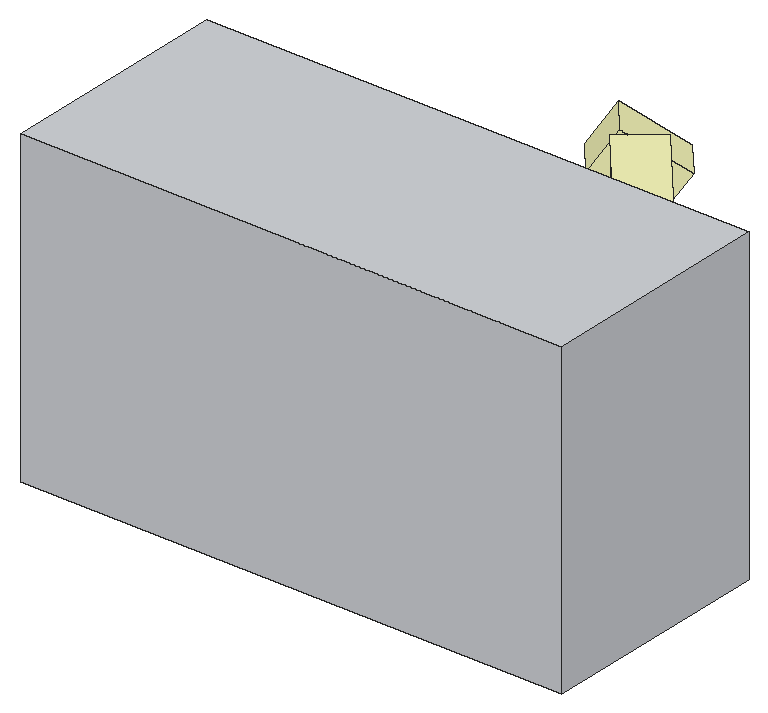
Revit family "7212_Tosca", category Lighting Fixtures, host Face, Revit 2016
Family settings
  Host = Face
  Part Type = Normal
  Round Connector Dimension = Use Diameter
  OmniClass Number = 23.80.70.00
  OmniClass Title = Lighting
  Cut with Voids When Loaded = No
  Light Source = No
  Shared = No
  Room Calculation Point = No
Parameters (values of type "7213 Tosca (Brushed Matt Nickel)")
  Width = 7.87402"
  Weight = "1.2kg"
  Wattage Comments = "1w"
  Voltage Range = "100-240V"
  Voltage = 240 V
  URL = "www.astrolighting.co.uk"
  Type Comments = "Includes integral LED driver. Includes integral switch."
  Location = "DRY"
  Set Head Rotation [instance] = 55.00°
  Set Arm Angle [instance] = 50.00°
  Head Rotation [instance] = if(Set Head Rotation < 0.00°, 0.00°, if(Set Head Rotation > 180.00°, 180.00°, if(or(or(Set Head Rotation < 180.00°, Set Head Rotation = 180.00°), or(Set Head Rotation > 0.00°, Set Head Rotation = 0.00°)), Set Head Rotation, 0.00°)))  # 55.00°
  Arm Angle [instance] = if(Set Arm Angle < 0.00°, 0.00°, if(Set Arm Angle > 135.00°, 135.00°, if(or(or(Set Arm Angle < 135.00°, Set Arm Angle = 135.00°), or(Set Arm Angle > 0.00°, Set Arm Angle = 0.00°)), Set Arm Angle, 0.00°)))  # 50.00°
  Product Documentation = "https://www.astrolighting.com/products/search?search=tosca"
  Number of Poles = 1
  Mountable on normally flammable surfaces = "Yes"
  Model = "7213 Tosca Brushed Matt Nickel"
  Manufacturer = "Astro Lighting Ltd, CM20 2DP"
  Luminaire Lamp Efficiency Rating = "A"
  Lens Material = Astro - Glass - Clear
  Length = 1.68307"
  Lamp included = "Yes"
  Lamp = "LED"
  IP Rating = "IP20"
  Height = 1.77165"
  Energy Efficiency Rating = ""
  Dimmable = "No"
  Description = "Wall Reading Light"
  Default Elevation [instance] = 66.92913"
  Class = 1
  Casing Material = Astro - Steel - Matt Nickel
  Manufacturer Contact = "01279 427001"
  Assembly Code = "D5020200"
  Arm Length = 6.26969"
  Apparent Load = 2.23 VA
Types (3): name | Set Head Rotation | Set Arm Angle | Head Rotation | Arm Angle | Model | Casing Material
  7213 Tosca (Brushed Matt Nickel) | 55.00° | 50.00° | 55.00° | 50.00° | "7213 Tosca Brushed Matt Nickel" | Astro - Steel - Matt Nickel
  7214 Tosca (Brushed Bronze) | 0.00° | 0.00° | 0.00° | 0.00° | "7214 Tosca Brushed Bronze" | Astro - Steel - Bronze
  7212 Tosca (Polished Chrome) | 0.00° | 0.00° | 0.00° | 0.00° | "7212 Tosca Polished Chrome" | Astro - Steel - Chrome Finish
Reference planes (in)
  plane 1: y = -2.95276
  plane 2 "Light Source Axis (L/R)": x = 4.92126
  plane 3 "Light Source Axis (F/R)": y = 1.68307
  plane 4 "Light Source Elevation": z = 62.99213
  plane 5: y = -5.90551
  plane 6 "Center (Elevation)": z = 62.99213
  plane 7: z = 0
  plane 8 "Top": z = 63.87795
  plane 9 "Bottom": z = 62.1063
  plane 10 "Left": x = 8.85827
  plane 11 "Right": x = 0.98425
  plane 12 "Front": y = 1.68307
  plane 13: y = 0
  plane 14: x = 8.46457
  plane 15: y = 1.28937
  plane 16: x = 8.24213
  plane 17: z = 62.97244
  plane 18: y = 0.47244
  plane 19: z = 63.8189
  plane 20: z = 63.00197
Forms (in)
  Extrusion 1, solid
    sketch origin (5.51181, -5.90551, 59.05512) x (0, 0, 1) y (1, 0, 0)
      loop
        line (-0.02239, -7.4443) -> (7.87402, -7.4443) -> (7.87402, 6.29921) -> (-0.02239, 6.29921) -> (-0.02239, -7.4443)
    from 0 to 5.90551
  Extrusion 2, solid, material "Astro - Steel - Matt Nickel" <- "Casing Material"
    sketch origin (36.21204, 8.85827, 63.87795) x (1, 0, 0) y (0, 1, 0)
      loop
        line (-35.22779, -8.85827) -> (-27.35378, -8.85827) -> (-27.35378, -7.84466)
        arc (-27.35378, -7.84466) -> (-27.37011, -7.81705) -> (-27.40218, -7.81809) r 0.0315
        line (-27.40218, -7.81809) -> (-27.96992, -8.38583) -> (-35.22779, -8.38583) -> (-35.22779, -8.85827)
    from -1.77165 to 0
  Extrusion 3, solid, material "Astro - Steel - Matt Nickel" <- "Casing Material"
    sketch origin (9.56168, 8.85827, 62.97244) x (1, 0, 0) y (0, 1, 0)
      loop
        line (-0.70341, -8.38583) -> (-0.70341, -7.5689)
        arc (-0.70341, -7.5689) -> (-0.94645, -7.20517) -> (-1.3755, -7.29051) r 0.3937
        line (-1.3755, -7.29051) -> (-2.47115, -8.38583) -> (-0.70341, -8.38583)
    from -0.86614 to 0
  Extrusion 4, solid, material "Astro - Steel - Matt Nickel" <- "Casing Material"
    sketch origin (11.59289, 8.85827, 63.8189) x (1, 0, 0) y (0, 1, 0)
      loop
        circle (-3.12833, -7.5689) r 0.38268
    from 0 to 0.05906
  Extrusion 5, solid, material "Astro - Steel - Matt Nickel" <- "Casing Material"
    sketch origin (8.46457, 1.28937, 63.87795) x (-0.642788, 0.766044, 0) y (-0.766044, -0.642788, 0)
      loop
        line (0, -0.3937) -> (6.26969, -0.3937) -> (6.26969, 0.7874) -> (0.23467, 0.7874) -> (-0.30987, 0.24286)
        arc (-0.30987, 0.24286) -> (-0.35399, -0.17232) -> (0, -0.3937) r 0.3937
    from -0.87598 to -0.05906
  Extrusion 6, solid, material "Astro - Steel - Matt Nickel" <- "Casing Material"
    sketch origin (8.46457, 1.28937, 63.87795) x (-0.642788, 0.766044, 0) y (-0.766044, -0.642788, 0)
      loop
        line (0.2576, -0.3937) -> (6.26969, -0.3937) -> (6.26969, 0.7874) -> (0.23467, 0.7874) -> (-0.09176, 0.46097)
        arc (-0.09176, 0.46097) -> (-0.09885, 0.42757) -> (-0.07164, 0.40713) r 0.0315
        arc (-0.07164, 0.40713) -> (0.38231, 0.15725) -> (0.23555, -0.33971) r 0.41339
        arc (0.23555, -0.33971) -> (0.22844, -0.37411) -> (0.2576, -0.3937) r 0.0315
    from -0.05906 to 0
  Extrusion 7, solid, material "Astro - Steel - Matt Nickel" <- "Casing Material"
    sketch origin (8.46457, 1.28937, 63.87795) x (-0.642788, 0.766044, 0) y (-0.766044, -0.642788, 0)
      loop
        line (1.38626, 0.7874) -> (0.20516, -0.3937) -> (6.26969, -0.3937) -> (6.26969, 0.7874) -> (1.38626, 0.7874)
    from -1.77165 to -0.87598
  Extrusion 8, solid, material "Astro - Steel - Matt Nickel" <- "Casing Material"
    sketch origin (61.95426, 8.85827, 62.99213) x (1, 0, 0) y (0, 1, 0)
      loop
        circle (-53.4897, -7.5689) r 0.38268
    from -0.01969 to 0.00984
  Extrusion 9, solid, not visible
    sketch origin (-38.17519, 0, 157.48031) x (-1, 0, 0) y (0, 0, 1)
      loop
        circle (-41.3248, -94.48819) r 0.29528
    from 0 to 0.05906
Cuts and joins
  joined: Extrusion 2, Extrusion 3
  joined: Extrusion 5, Extrusion 6, Extrusion 7
Lines and regions (in)
  symbolic lines
    curve 1: arc (8.33852, 1.68307, 62.99213) -> (8.17226, 0.99706, 62.99213) -> (8.85827, 1.16332, 62.99213) r 0.41339
    curve 2: circle (8.46457, 1.28937, 62.99213) r 0.38268 normal (0, 0, 1)
  reference lines
    curve 3: line (8.46457, 1.28937, 63.87795) -> (4.43449, 6.09223, 63.87795)
    curve 4: line (8.46457, 1.28937, 62.1063) -> (4.43449, 6.09223, 62.1063)
    curve 5: line (4.28369, 5.96569, 63.87795) -> (4.28369, 5.96569, 62.1063)
    curve 6: line (4.73608, 6.34529, 62.99213) -> (3.83131, 5.5861, 62.99213)
Text (in)
  text "Placement side" at (-3.34276, 5.37512, 0), in view "Ref. Level"
  text "Placement side" at (0, 4.89292, 65.43194), in view "Left"
  text "Placement side" at (0, 24.74324, 118.58137), in view "Right"
Dimensions and locks (in)
  equal spacing: plane 9 "Bottom", plane 6 "Center (Elevation)", plane 8 "Top"
  "Height": plane 9 "Bottom" to plane 8 "Top"
  equal spacing: plane 11 "Right", plane 2 "Light Source Axis (L/R)", plane 10 "Left"
  "Width": plane 11 "Right" to plane 10 "Left"
  locked: plane 1 to plane 13 at 2.95276
  "Length": plane 12 "Front" to plane 13
  locked: plane 14 to plane 10 "Left" at 0.3937
  locked: plane 12 "Front" to plane 15 at 0.3937
  locked: plane 11 "Right" to plane 16 at 7.25787
  locked: plane 17 to plane 8 "Top" at 0.90551
  locked: plane 18 to plane 13 at 0.47244
  locked: Extrusion 2 sketch curve to plane 10 "Left" at 0.0315
  locked: Extrusion 2 sketch curve to plane 13 at 1.01361
  locked: plane 19 to plane 8 "Top" at 0.05906
  "Arm Length": curve 3 to curve 3
  "Arm Length": curve 4 to curve 4
  "Arm Length": Extrusion 6 sketch curve to Extrusion 6 sketch curve
  "Arm Length": Extrusion 5 sketch curve to Extrusion 5 sketch curve
  locked: plane 20 to plane 8 "Top" at 0.87598
  cut or joined group of Extrusion 2, Extrusion 3 to plane 4 "Light Source Elevation" to cut or joined group of Extrusion 5, Extrusion 6, Extrusion 7 = 0.01969", 0.00984"
  locked: plane 11 "Right" to Extrusion 9 sketch curve at 2.16535
  locked: Extrusion 9 to plane 13 at 0.05906
  radius of Extrusion 4 sketch curve = 0.38268"
  locked: Extrusion 2 sketch curve to plane 18 (angle 135.00°)
  locked: Extrusion 3 sketch curve to plane 18 (angle 135.00°)
  "Arm Angle": angle curve 3 to plane 15
  "Arm Angle": angle curve 4 to plane 15
  aligned and locked: Extrusion 2 sketch curve to plane 11 "Right"
  aligned and locked: Extrusion 2 sketch curve to plane 18
  aligned and locked: Extrusion 2 sketch curve to plane 13
  aligned and locked: Extrusion 2 sketch curve to plane 10 "Left"
  aligned and locked: plane 16 to Extrusion 2 sketch curve
  aligned and locked: plane 8 "Top" to Extrusion 2
  aligned and locked: Extrusion 3 sketch curve to plane 10 "Left"
  aligned and locked: plane 14 to Extrusion 3 sketch curve
  aligned and locked: plane 15 to Extrusion 3 sketch curve
  aligned and locked: Extrusion 2 to plane 9 "Bottom"
  aligned and locked: plane 17 to Extrusion 3
  aligned and locked: cut or joined group of Extrusion 2, Extrusion 3 to plane 9 "Bottom"
  aligned and locked: plane 14 to Extrusion 4 sketch curve
  aligned and locked: plane 15 to Extrusion 4 sketch curve
  aligned and locked: Extrusion 4 to plane 19
  aligned and locked: plane 8 "Top" to Extrusion 4
  aligned and locked: plane 14 to curve 3
  aligned and locked: plane 15 to curve 3
  aligned and locked: plane 14 to curve 4
  aligned and locked: plane 15 to curve 4
  aligned and locked: plane 14 to Extrusion 6 sketch curve
  aligned and locked: plane 15 to Extrusion 6 sketch curve
  aligned and locked: plane 14 to Extrusion 5 sketch curve
  aligned and locked: plane 15 to Extrusion 5 sketch curve
  aligned and locked: plane 19 to Extrusion 5
  aligned and locked: Extrusion 6 to plane 19
  aligned and locked: plane 8 "Top" to Extrusion 6
  aligned and locked: Extrusion 5 to plane 20
  aligned and locked: Extrusion 7 sketch curve to cut or joined group of Extrusion 5, Extrusion 6, Extrusion 7
  aligned and locked: plane 20 to Extrusion 7
  aligned and locked: plane 14 to Extrusion 8 sketch curve
  aligned and locked: plane 15 to Extrusion 8 sketch curve
  aligned and locked: Extrusion 8 to plane 17
  aligned and locked: plane 20 to Extrusion 8
  aligned and locked: nested 1 to curve 6
  aligned and locked: plane 4 "Light Source Elevation" to plane 6 "Center (Elevation)"
  aligned and locked: plane 6 "Center (Elevation)" to Extrusion 9 sketch curve
  aligned and locked: Extrusion 9 to plane 13
Automatic sketch dimensions
  Extrusion 1 sketch curve to Extrusion 1 sketch curve = 7.89641"
  Extrusion 1 sketch curve to Extrusion 1 sketch curve = 13.74351"
  plane 18 to Extrusion 3 sketch curve = 0.00"
  Extrusion 3 sketch curve to Extrusion 3 sketch curve = 0.00016"  (x2)
  curve 3 to Extrusion 7 sketch curve = 0.7874"
  curve 3 to Extrusion 7 sketch curve = 0.20516"
  curve 3 to Extrusion 7 sketch curve = 1.38626"
  Extrusion 7 sketch curve to curve 3 = 0.3937"
  curve 6 to curve 5 = 0.59055"
  curve 5 to curve 6 = 0.59055"
  curve 5 to curve 6 = 0.88583"
  curve 6 to curve 5 = 0.88583"
  curve 1 to curve 2 = 0.00"  (x2)
  curve 1 to plane 12 "Front" = 0.00"
  curve 2 to plane 14 = 0.00"
  curve 1 to plane 10 "Left" = 0.00"
  plane 15 to curve 2 = 0.00"
  curve 1 to plane 16 = 0.0964"
  Extrusion 5 sketch curve to curve 3 = 0.3937"
  curve 3 to Extrusion 5 sketch curve = 0.7874"
  Extrusion 5 sketch curve to curve 3 = 0.24286"
  curve 3 to Extrusion 5 sketch curve = 0.23467"
  Extrusion 6 sketch curve to curve 3 = 0.3937"
  curve 3 to Extrusion 6 sketch curve = 0.7874"
  Extrusion 6 sketch curve to curve 3 = 0.06933"
  curve 3 to Extrusion 6 sketch curve = 0.23467"
  curve 3 to Extrusion 6 sketch curve = 0.2576"
  Extrusion 6 sketch curve to Extrusion 6 sketch curve = 0.0315"
  curve 3 to Extrusion 6 sketch curve = 0.43854"
  Extrusion 6 sketch curve to Extrusion 6 sketch curve = 0.00231"
  Extrusion 6 sketch curve to Extrusion 6 sketch curve = 0.02227"
  Extrusion 6 sketch curve to Extrusion 6 sketch curve = 0.00016"  (x2)
  Extrusion 6 sketch curve to Extrusion 6 sketch curve = 0.02204"
  radius of Extrusion 8 sketch curve = 0.38268"
  radius of curve 2 = 0.38268"
  radius of Extrusion 9 sketch curve = 0.29528"
Nested families (in)
  nested 1: "0699_Tosca_Rotating_Head" at (4.28369, 5.96569, 62.99213) x (-0.766, -0.6428, 0) z (-0.6428, 0.766, 0), Head Rotation <- "Head Rotation", Lens Material <- "Lens Material", type "0699_Tosca_Rotating_Head"
    with Lens Material Astro - Glass - Clear, Head Rotation 55.00°
  nested 2: "Astro-0699_Tosca-ies" at (4.45996, 6.88451, 62.48404) x (0.4394, 0.3687, 0.8192) z (0.6275, 0.5265, -0.5736), type "Astro-0699_Tosca-ies"
Connectors (in)
  electrical at (3.14961, 0, 62.99213), driven by "Number of Poles", driven by "Voltage", driven by "Apparent Load"
    settings: on Extrusion 9, index 1, voltage 240 V, apparent load 0 VA, apparent load phase1 2.23 VA, apparent load phase2 0 VA, apparent load phase3 0 VA, power factor 1, load classification "Other", number of poles 1, system type 31, power factor state 1, is connector primary yes, connector utility no, sub classification motor no, connector description ""
Definition of nested family "0699_Tosca_Rotating_Head"
  Parameters
    Lens Material [instance] = none
    Head Rotation [instance] = 0.00°
    Default Elevation = 48.00"
    Casing Material = none
  Reference planes (in)
    plane 1 "Center (Front/Back)": y = 0
    plane 2: z = 0
    plane 3 "Center (Left/Right)": x = 0
    plane 4: z = 1.1811
  Forms (in)
    Extrusion 1, solid
      sketch origin (0, 0, 0) x (1, 0, 0) y (0, 1, 0)
        loop
          line (-48, 48) -> (-48, -48) -> (48, -48) -> (48, 48) -> (-48, 48)
      from 0 to -12
    Extrusion 2, solid, material <- "Casing Material"
      sketch origin (0, -0.88583, 0) x (0, 0, 1) y (-1, 0, 0)
        loop
          line (0.02953, 0.59055) -> (0.02953, -0.59055) -> (1.1811, -0.59055) -> (1.1811, 0.59055) -> (0.02953, 0.59055)
      from 0 to -1.77165
    Extrusion 3, void
      sketch origin (0, -0.88583, 0) x (0, 0, 1) y (-1, 0, 0)
        loop
          circle (0.59055, 0) r 0.47247
      from -1.37795 to 0
    Extrusion 4, void
      sketch origin (0, -0.88583, 0) x (0, 0, 1) y (-1, 0, 0)
        loop
          circle (0.59055, 0) r 0.55118
      from 0 to -0.09843
    Extrusion 5, solid, material <- "Casing Material"
      sketch origin (0, -0.88583, 0) x (0, 0, 1) y (-1, 0, 0)
        loop
          circle (0.59055, 0) r 0.55118
        loop
          circle (0.59055, 0) r 0.3937
      from -0.09843 to 0
    Extrusion 6, solid, material <- "Lens Material"
      sketch origin (0, -0.88583, 0) x (0, 0, 1) y (-1, 0, 0)
        loop
          circle (0.59055, 0) r 0.3937
      from 0 to -0.09843
    Extrusion 7, void
      sketch origin (0, -0.88583, 0) x (0, 0, 1) y (-1, 0, 0)
        loop
          circle (1.06303, 0) r 0.03937
        loop
          circle (0.35431, 0.40917) r 0.03937
        loop
          circle (0.35431, -0.40917) r 0.03937
      from 0 to -0.0315
    Extrusion 8, solid, material <- "Casing Material"
      sketch origin (0, 0, 0) x (0, -1, 0) y (1, 0, 0)
        loop
          circle (0, 0) r 0.3937
      from 0 to 0.02953
  Cuts and joins
    Extrusion 3, Extrusion 4 cuts Extrusion 2
    Extrusion 7 cuts Extrusion 5
  Lines and regions (in)
    reference lines
      curve 1: line (0, 0, 0) -> (0, -0.88583, 0)
  Dimensions and locks (in)
    locked: plane 4 to plane 2 at 1.1811
    locked: curve 1 to curve 1 at 0.88583
    Extrusion 2 sketch curve to Extrusion 2 sketch curve = 1.1811"
    locked: Extrusion 2 sketch curve to Extrusion 2 sketch curve at 1.1811
    locked: plane 4 to Extrusion 3 sketch curve at 0.59055
    locked: Extrusion 3 to Extrusion 2 at 1.37795
    locked: plane 4 to Extrusion 4 sketch curve at 0.59055
    locked: cut or joined group of Extrusion 2, Extrusion 3, Extrusion 4 to cut or joined group of Extrusion 2, Extrusion 3, Extrusion 4 at 0.09843
    locked: plane 4 to Extrusion 5 sketch curve at 0.59055
    plane 4 to Extrusion 5 sketch curve = 0.59055"
    locked: cut or joined group of Extrusion 2, Extrusion 3, Extrusion 4 to Extrusion 5 at 0.09843
    locked: plane 4 to Extrusion 6 sketch curve at 0.59055
    locked: Extrusion 6 to cut or joined group of Extrusion 2, Extrusion 3, Extrusion 4 at 0.09843
    locked: cut or joined group of Extrusion 2, Extrusion 3, Extrusion 4 to Extrusion 7 at 0.0315
    locked: Extrusion 2 sketch curve to plane 2 at 0.02953
    "Head Rotation": angle curve 1 to plane 3 "Center (Left/Right)"
    aligned and locked: plane 2 to Extrusion 1
    aligned and locked: level to Extrusion 1
    aligned and locked: plane 3 "Center (Left/Right)" to curve 1
    aligned and locked: plane 1 "Center (Front/Back)" to curve 1
    aligned and locked: Extrusion 2 sketch curve to plane 4
    aligned and locked: Extrusion 8 to plane 2
    aligned and locked: Extrusion 8 to cut or joined group of Extrusion 2, Extrusion 3, Extrusion 4
  Automatic sketch dimensions
    Extrusion 1 sketch curve to Extrusion 1 sketch curve = 96.00"  (x2)
    Extrusion 5 sketch curve to Extrusion 5 sketch curve = 0.00"  (x3)
    level to Extrusion 7 sketch curve = 0.35431"  (x2)
    Extrusion 7 sketch curve to plane 4 = 0.11808"
    Extrusion 7 sketch curve to Extrusion 7 sketch curve = 0.40917"  (x2)
    Extrusion 8 sketch curve to curve 1 = 0.00"  (x2)
    radius of Extrusion 3 sketch curve = 0.47247"
    radius of Extrusion 4 sketch curve = 0.55118"
    radius of Extrusion 5 sketch curve = 0.55118"
    radius of Extrusion 5 sketch curve = 0.3937"
    radius of Extrusion 6 sketch curve = 0.3937"
    radius of Extrusion 7 sketch curve = 0.03937"  (x3)
    radius of Extrusion 8 sketch curve = 0.3937"
Definition of nested family "Astro-0699_Tosca-ies"
  Parameters
    Wattage = 9.2903 W
    built-in parameter 1150110 = 1 (stored number, unit not read)
    built-in parameter 1114217 = 1 (stored number, unit not read)
    Tilt Angle = 90.00°
    built-in parameter 1150109 = 1 (stored number, unit not read)
    built-in parameter 1150134 = 3
    built-in parameter 1150113 = 1 (stored number, unit not read)
    Photometric Web File = "TOSCA MATT NICKEL.ies"
    built-in parameter 1150105 = 109.82 (stored number, unit not read)
    Lumens = 1380 lm
    built-in parameter 1150115 = 1 (stored number, unit not read)
    built-in parameter 1150137 = (empty or 0)
    built-in parameter 1150139 = (empty or 0)
    built-in parameter 1150112 = 1 (stored number, unit not read)
    built-in parameter 1150114 = 1 (stored number, unit not read)
    built-in parameter 1150132 = (empty or 0)
    built-in parameter 1150102 = (empty or 0)
    built-in parameter 1150107 = 3200 (stored number, unit not read)
    built-in parameter 1150138 = (empty or 0)
    built-in parameter 1150106 = 1.0982 (stored number, unit not read)
    built-in parameter 1150104 = 13.8 (stored number, unit not read)
    Dimming Lamp Color Temperature Shift = (empty or 0)
    Default Elevation = 48.00"
    Color Filter = 16777215
    built-in parameter 1114218 = 1 (stored number, unit not read)
    built-in parameter 1150133 = 10 (stored number, unit not read)
  Reference planes (in)
    plane 1 "Center (Front/Back)": y = 0
    plane 2: z = 0
    plane 3 "Center (Left/Right)": x = 0
  Forms (in)
    Extrusion 1, solid
      sketch origin (0, 0, 0) x (1, 0, 0) y (0, 1, 0)
        loop
          line (-48, 48) -> (-48, -48) -> (48, -48) -> (48, 48) -> (-48, 48)
      from 0 to -12
  Dimensions and locks (in)
    aligned and locked: plane 2 to Extrusion 1
    aligned and locked: level to Extrusion 1
    aligned and locked: imposter light to plane 2
    aligned and locked: imposter light to plane 3 "Center (Left/Right)"
